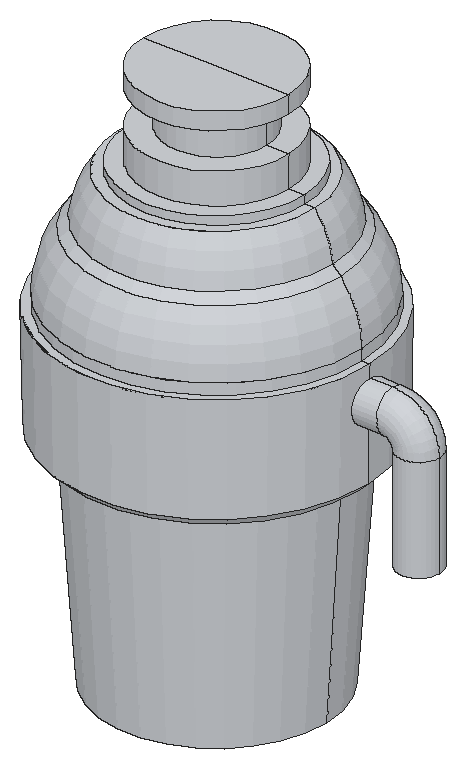
Revit family
Parameters (values of type "Model 3300")
  Waste Outlet Radius = Waste Outlet Diameter / 2  # 20 mm
  Waste Outlet Diameter = 40 mm
  Voltage = 220 V
  URL = "http://www.autospec.co.za/browse.php?id=1644179285"
  Product Code = "WW 3300"
  Power = 520 W
  OmniClass Title = ""
  OmniClass Number = ""
  Motor Speed = "2700 R.P.M"
  Motor Horsepower = "3/4 Hp"
  Modspec Classification = ""
  Specification = ""
  Material = none
  Location (revit room) = ""
  Model = "Domestic Food Waste Disposer WW - 3300"
  Manufacturer = "Kwikot"  # constant formula
  Frequency = 50 Hz
  Current = 3 A
  Colour = none
  Body Finish = none
  Assembly Code = "E1090200"
Reference planes
  plane 1 "Center (Front/Back)": y = 0
  plane 2: z = 0
  plane 3 "Center (Left/Right)": x = 0
Forms (mm)
  Revolve 1, solid
    sketch origin (0, 0, 0) x (1, 0, 0) y (0, 0, 1)
      loop
        line (0, 0) -> (0, -81.5) -> (70, -81.5) -> (70, -51.5) -> (48, -51.5) -> (48, -16.5) -> (70, -16.5) -> (70, 0) -> (0, 0)
      axis (0, -81.5) -> (0, 0)
    angle from 0 to 360
  Sweep 2, solid
    path origin (0, 0, 0) x (1, 0, 0) y (0, 0, 1)
      loop
        line (145, -237.5) -> (170, -237.5)
        arc (170, -237.5) -> (187.678, -244.822) -> (195, -262.5) r 25
        line (195, -262.5) -> (195, -362.5)
    profile origin (157.5, 0, -237.5) x (0, 0, 1) y (0, -1, 0)
      loop
        circle (0, 0) r 20
  Extrusion 3, void
    sketch origin (0, 0, 0) x (0, -1, 0) y (0, 0, 1)
      loop
        line (-15, -450) -> (15, -450) -> (15, -420)
        arc (15, -420) -> (0, -405) -> (-15, -420) r 15
        line (-15, -420) -> (-15, -450)
    from 50 to 125
  Revolve 4, solid
    sketch origin (0, 0, 0) x (1, 0, 0) y (0, 0, 1)
      loop
        line (85, -81.5) -> (0, -81.5) -> (0, -529.5) -> (105.913, -529.5) -> (120.737, -317.5) -> (138, -317.5) -> (146.188, -309.312) -> (148, -205.5) -> (140, -205.5) -> (140, -195)
        arc (140, -195) -> (134.847, -165.503) -> (120, -139.5) r 87.006
        line (120, -139.5) -> (112, -131.5)
        arc (112, -131.5) -> (106.186, -109.413) -> (95, -89.5) r 90
        line (95, -89.5) -> (85, -89.5) -> (85, -81.5)
      axis (0, -529.5) -> (0, -81.5)
    angle from 0 to 360
Cuts and joins
  Extrusion 3 cuts Revolve 1
  Extrusion 3 cuts Revolve 4
Lines and regions (mm)
  symbolic lines
    curve 1: arc (48, 0, 0) -> (0, 48, 0) -> (-48, 0, 0) r 48
    curve 2: arc (-48, 0, 0) -> (0, -48, 0) -> (48, 0, 0) r 48
    curve 3: arc (70, 0, 0) -> (0, 70, 0) -> (-70, 0, 0) r 70
    curve 4: arc (-70, 0, 0) -> (0, -70, 0) -> (70, 0, 0) r 70
    curve 5: arc (85, 0, 0) -> (0, 85, 0) -> (-85, 0, 0) r 85
    curve 6: arc (-85, 0, 0) -> (0, -85, 0) -> (85, 0, 0) r 85
    curve 7: arc (-95, 0, 0) -> (0, 95, 0) -> (95, 0, 0) r 95
    curve 8: arc (95, 0, 0) -> (0, -95, 0) -> (-95, 0, 0) r 95
    curve 9: arc (-105.913, 0, 0) -> (0, 105.913, 0) -> (105.913, 0, 0) r 105.913
    curve 10: arc (105.913, 0, 0) -> (0, -105.913, 0) -> (-105.913, 0, 0) r 105.913
    curve 11: arc (-112, 0, 0) -> (0, 112, 0) -> (112, 0, 0) r 112
    curve 12: arc (112, 0, 0) -> (0, -112, 0) -> (-112, 0, 0) r 112
    curve 13: arc (-120, 0, 0) -> (0, 120, 0) -> (120, 0, 0) r 120
    curve 14: arc (120, 0, 0) -> (0, -120, 0) -> (-120, 0, 0) r 120
    curve 15: arc (140, 0, 0) -> (0, 140, 0) -> (-140, 0, 0) r 140
    curve 16: arc (-140, 0, 0) -> (0, -140, 0) -> (140, 0, 0) r 140
    curve 17: arc (148, 0, 0) -> (0, 148, 0) -> (-148, 0, 0) r 148
    curve 18: arc (-148, 0, 0) -> (0, -148, 0) -> (148, 0, 0) r 148
    curve 19: arc (215, 0, 0) -> (195, 20, 0) -> (175, 0, 0) r 20
    curve 20: arc (175, 0, 0) -> (195, -20, 0) -> (215, 0, 0) r 20
    curve 21: line (195, 20, 0) -> (146.642, 20, 0)
    curve 22: line (195, -20, 0) -> (146.642, -20, 0)
Dimensions and locks
  plane 3 "Center (Left/Right)" to Revolve 1 sketch curve = 70 mm  (x2)
  plane 3 "Center (Left/Right)" to Revolve 1 sketch curve = 48 mm
  Revolve 1 sketch curve to plane 3 "Center (Left/Right)" = 70 mm
  Sweep 2 sketch curve to plane 3 "Center (Left/Right)" = 145 mm
  Extrusion 3 sketch curve to plane 1 "Center (Front/Back)" = 15 mm
  Revolve 4 sketch curve to Revolve 4 sketch curve = 120.737 mm
  Revolve 4 sketch curve to Revolve 4 sketch curve = 105.913 mm
  Revolve 4 sketch curve to Revolve 4 sketch curve = 212 mm
  cut or joined group of Extrusion 3, Revolve 4 to Sweep 2 sketch curve = 32 mm
  "Waste Outlet Radius": radius of Sweep 2 sketch curve
  aligned and locked: level to plane 2
  aligned and locked: Revolve 1 sketch curve to level
  aligned and locked: plane 3 "Center (Left/Right)" to Revolve 1 sketch curve  (x2)
  aligned and locked: profile plane to Sweep 2 sketch curve  (x2)
  aligned: Extrusion 3 sketch curve to Revolve 1
  aligned and locked: Revolve 4 sketch curve to cut or joined group of Revolve 1, Extrusion 3
  aligned: Revolve 4 sketch curve to cut or joined group of Revolve 1, Extrusion 3
  aligned and locked: plane 3 "Center (Left/Right)" to Revolve 4 sketch curve
  aligned and locked: curve 1 to cut or joined group of Revolve 1, Extrusion 3
  aligned and locked: curve 2 to cut or joined group of Revolve 1, Extrusion 3
  aligned and locked: curve 3 to cut or joined group of Revolve 1, Extrusion 3
  aligned and locked: curve 4 to cut or joined group of Revolve 1, Extrusion 3
  aligned and locked: curve 5 to cut or joined group of Extrusion 3, Revolve 4
  aligned and locked: curve 6 to cut or joined group of Extrusion 3, Revolve 4
  aligned and locked: curve 7 to cut or joined group of Extrusion 3, Revolve 4
  aligned and locked: curve 8 to cut or joined group of Extrusion 3, Revolve 4
  aligned and locked: curve 9 to cut or joined group of Extrusion 3, Revolve 4
  aligned and locked: curve 10 to cut or joined group of Extrusion 3, Revolve 4
  aligned and locked: curve 11 to cut or joined group of Extrusion 3, Revolve 4
  aligned and locked: curve 12 to cut or joined group of Extrusion 3, Revolve 4
  aligned and locked: curve 13 to cut or joined group of Extrusion 3, Revolve 4
  aligned and locked: curve 14 to cut or joined group of Extrusion 3, Revolve 4
  aligned and locked: curve 15 to cut or joined group of Extrusion 3, Revolve 4
  aligned and locked: curve 16 to cut or joined group of Extrusion 3, Revolve 4
  aligned and locked: curve 17 to cut or joined group of Extrusion 3, Revolve 4
  aligned and locked: curve 18 to cut or joined group of Extrusion 3, Revolve 4
  aligned and locked: curve 19 to Sweep 2
  aligned and locked: curve 20 to Sweep 2
Automatic sketch dimensions
  Revolve 1 sketch curve to level = 16.5 mm
  Revolve 1 sketch curve to Revolve 1 sketch curve = 35 mm
  Revolve 1 sketch curve to Revolve 1 sketch curve = 30 mm
  Revolve 1 sketch curve to Revolve 1 sketch curve = 459 mm
  level to Revolve 1 sketch curve = 84.5 mm
  Sweep 2 sketch curve to Sweep 2 sketch curve = 25 mm  (x2)
  Sweep 2 sketch curve to Sweep 2 sketch curve = 100 mm
  curve 21 to curve 19 = 0 mm
  curve 22 to curve 19 = 0 mm
Connectors
  electrical at (-50, 0, -438), driven by "Voltage", driven by "Power"
    settings: on cut or joined group of Revolve 1, Extrusion 3, index 1, voltage 220 V, apparent load 0 W, apparent load phase1 520 W, apparent load phase2 0 W, apparent load phase3 0 W, power factor 1, load classification "Other", number of poles 1, system type 31, power factor state 1, is connector primary yes, connector utility no, sub classification motor no, connector description ""
